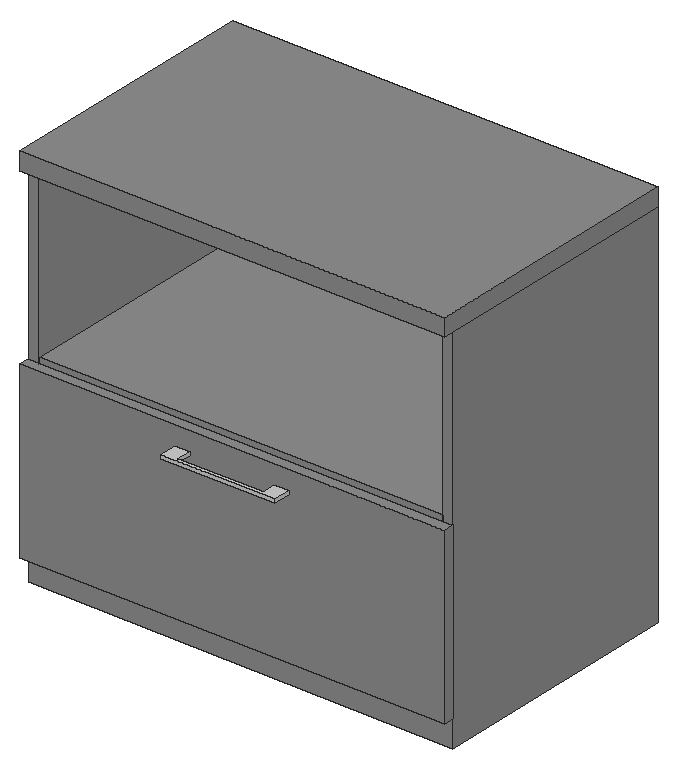
Revit family "Haworth_XSeries_ComboUnit_2HighOpenShelf", category Furniture Systems, Revit 2019
Family settings
  Round Connector Dimension = Use Diameter
  Part Type = Normal
  OmniClass Number = 23.40.70.14.64.21
  OmniClass Title = Systems Furniture
  Work Plane-Based = No
  Always vertical = Yes
  Cut with Voids When Loaded = No
  Shared = No
  Room Calculation Point = No
Parameters (values of type "18d 30w 27h")
  Width = 30"  # constant formula
  Warranty = "https://cdn.shopify.com/s/files/1/0561/5304/7249/files/Haworth_North_America_Online_Warranty_2022.pdf?v=1660247284"
  URL - Product = "https://www.haworth.com/na/en/products/active-storage/x-series.html"
  URL = "http://www.haworth.com/"
  Top Finish [instance] = Haworth _ Paint _ Graphite
  Taper Pull = no
  Sustainability Info = "https://www.haworth.com/na/en/expertise/research/sustainability.html"
  Size = "Verify Final Dim. w/ Haworth"  # constant formula
  Revision Number = "5"  # constant formula
  Radius Pull = no
  Pull Finish = Haworth _ Metal _ Brushed Aluminum
  Model = "JCPZ"  # constant formula
  Min. Width = 29 7/8"  # constant formula
  Max. Width = 41 7/8"  # constant formula
  Min. Height = 27 1/2"  # constant formula
  Max. Height = 27 1/2"  # constant formula
  Manufacturer = "Haworth"  # constant formula
  Lockbar Finish [instance] = Haworth _ Paint _ Graphite
  Linear Pull = yes
  J Pull = no
  Front Finish [instance] = Haworth _ Paint _ Graphite
  Ellipse Pull = not(or(Taper Pull, Radius Pull, Linear Pull, Crescent Pull, Classic Pull, J Pull))  # no
  Drawer Width = Actual Width  # 29 7/8"
  Drawer Height = 12 3/16"  # constant formula
  Description = "Haworth XSeries Combo Unit - Open Shelf - 18d 30w 27h"
  Custom Size = not(or(Width = 30"))  # no
  Crescent Pull = no
  Classic Pull = no
  Cabinet Height = 27 1/2"  # constant formula
  Cabinet Finish [instance] = Haworth _ Paint _ Graphite
  Author = "Haworth (Hampton), SHAPE Environments, LLC"  # constant formula
  Assembly Code = "E2020200"
  Actual Width = if(Width < Min. Width, Min. Width, if(Width > Max. Width, Max. Width, Width - 1/8"))  # 29 7/8"
  Actual Height = 27 1/2"  # constant formula
  Standard Widths = "30 in."  # constant formula
  Actual Depth = 18 3/4"  # constant formula
Reference planes (in)
  plane 1 "Center F/B": y = 0
  plane 2: z = 0
  plane 3 "Center L/R": x = 0
  plane 4 "Left": x = -14.9375
  plane 5 "Right": x = 14.9375
  plane 6 "Back of Drawer": y = -18
  plane 7 "Front": y = -18.75
  plane 8 "Top": z = 27.5
  plane 9 "Bottom of Top": z = 26.25
  plane 10 "Bottom of Cabinet": z = 0
  plane 11 "feet back": y = -2
  plane 12 "feet front": y = -16
  plane 13 "Feet Right": x = 12.9375
  plane 14 "Feet Left": x = -12.9375
  plane 15 "Bottom Drawer": z = 1.875
  plane 16: x = -14.1875
  plane 17: x = 14.1875
  plane 18 "Bottom Shelf": z = 13.6875
  plane 19 "Top Shelf": z = 14.4375
  plane 20 "Back Interior": y = -0.75
Forms (in)
  Extrusion 1, solid, material "Haworth _ Paint _ Graphite" <- "Cabinet Finish"
    sketch origin (114.68227, -6.06265, 0) x (1, 0, 0) y (0, 1, 0)
      loop
        line (-129.61977, 6.06265) -> (-129.61977, -11.93735) -> (-128.86977, -11.93735) -> (-128.86977, 5.31265) -> (-100.49477, 5.31265) -> (-100.49477, -11.93735) -> (-99.74477, -11.93735) -> (-99.74477, 6.06265) -> (-129.61977, 6.06265)
    from 1.875 to 26.25
  Extrusion 2, solid, material "Haworth _ Paint _ Graphite" <- "Top Finish"
    sketch origin (0, 0, 0) x (1, 0, 0) y (0, 1, 0)
      loop
        line (-14.9375, 0) -> (-14.9375, -18.75) -> (14.9375, -18.75) -> (14.9375, 0) -> (-14.9375, 0)
    from 26.25 to 27.5
  Extrusion 3, solid, material "Haworth _ Paint _ Graphite" <- "Cabinet Finish"
    sketch origin (0, 0, -18.75) x (1, 0, 0) y (0, 1, 0)
      loop
        line (-14.9375, 0) -> (-14.9375, -18) -> (14.9375, -18) -> (14.9375, 0) -> (-14.9375, 0)
    from 18.75 to 20.625
  Extrusion 4, solid, material "Haworth _ Paint _ Graphite" <- "Cabinet Finish"
    sketch origin (0, 0, -3.25) x (1, 0, 0) y (0, 1, 0)
      loop
        line (-14.1875, -0.75) -> (-14.1875, -18) -> (14.1875, -18) -> (14.1875, -0.75) -> (-14.1875, -0.75)
    from 16.9375 to 17.6875
Cuts and joins
  joined: Extrusion 1, Extrusion 3
Lines and regions (in)
  Masking region 1
    outline origin (0, 0, 0) x (1, 0, 0) y (0, 1, 0)
      loop
        line (-14.9375, 0) -> (-14.9375, -18.75) -> (14.9375, -18.75) -> (14.9375, 0) -> (-14.9375, 0)
Dimensions and locks (in)
  locked: plane 6 "Back of Drawer" to plane 7 "Front" at 0.75
  "Actual Depth": plane 1 "Center F/B" to plane 7 "Front"
  "Actual Width": plane 4 "Left" to plane 5 "Right"
  locked: plane 8 "Top" to plane 9 "Bottom of Top" at 1.25
  equal spacing: plane 4 "Left", plane 3 "Center L/R", plane 5 "Right"
  locked: plane 13 "Feet Right" to plane 5 "Right" at 2
  locked: plane 4 "Left" to plane 14 "Feet Left" at 2
  locked: plane 12 "feet front" to plane 6 "Back of Drawer" at 2
  locked: plane 1 "Center F/B" to plane 11 "feet back" at 2
  locked: plane 15 "Bottom Drawer" to plane 10 "Bottom of Cabinet" at 1.875
  "Actual Height": plane 8 "Top" to level
  "Cabinet Height": plane 8 "Top" to plane 10 "Bottom of Cabinet"
  locked: plane 16 to plane 4 "Left" at 0.75
  locked: plane 5 "Right" to plane 17 at 0.75
  plane 9 "Bottom of Top" to plane 19 "Top Shelf" = 11 13/16"
  plane 19 "Top Shelf" to plane 18 "Bottom Shelf" = 3/4"
  plane 20 "Back Interior" to plane 1 "Center F/B" = 3/4"
  aligned and locked: plane 1 "Center F/B" to Extrusion 1 sketch curve
  aligned and locked: Extrusion 1 to plane 4 "Left"
  aligned and locked: Extrusion 1 to plane 5 "Right"
  aligned and locked: plane 9 "Bottom of Top" to Extrusion 1
  aligned and locked: plane 4 "Left" to Extrusion 2 sketch curve
  aligned and locked: plane 1 "Center F/B" to Extrusion 2 sketch curve
  aligned and locked: plane 5 "Right" to Extrusion 2 sketch curve
  aligned and locked: plane 7 "Front" to Extrusion 2 sketch curve
  aligned and locked: plane 8 "Top" to Extrusion 2
  aligned and locked: Extrusion 2 to plane 9 "Bottom of Top"
  aligned and locked: plane 3 "Center L/R" to nested 1
  aligned and locked: nested 1 to plane 6 "Back of Drawer"
  aligned and locked: level to plane 2
  aligned and locked: plane 15 "Bottom Drawer" to nested 1
  aligned and locked: plane 5 "Right" to Extrusion 1 sketch curve
  aligned and locked: plane 4 "Left" to Extrusion 1 sketch curve
  aligned and locked: Extrusion 1 sketch curve to plane 16
  aligned and locked: Extrusion 1 sketch curve to plane 17
  aligned and locked: Extrusion 1 to plane 15 "Bottom Drawer"
  aligned and locked: plane 10 "Bottom of Cabinet" to Extrusion 3
  aligned and locked: plane 15 "Bottom Drawer" to Extrusion 3
  aligned and locked: plane 4 "Left" to Extrusion 3 sketch curve
  aligned and locked: plane 5 "Right" to Extrusion 3 sketch curve
  aligned and locked: plane 6 "Back of Drawer" to Extrusion 3 sketch curve
  aligned and locked: plane 1 "Center F/B" to Extrusion 3 sketch curve
  aligned and locked: Masking region 1 sketch curve to Extrusion 2  (x2)
  aligned and locked: Masking region 1 sketch curve to Extrusion 1
  aligned and locked: Extrusion 2 to Masking region 1 sketch curve
  aligned and locked: plane 18 "Bottom Shelf" to Extrusion 4
  aligned and locked: Extrusion 4 to plane 19 "Top Shelf"
  aligned and locked: plane 20 "Back Interior" to Extrusion 4 sketch curve
  aligned and locked: Extrusion 4 sketch curve to plane 17
  aligned and locked: plane 16 to Extrusion 4 sketch curve
Automatic sketch dimensions
  plane 1 "Center F/B" to Extrusion 1 sketch curve = 3/4"
  Extrusion 4 sketch curve to plane 6 "Back of Drawer" = 0"
  Extrusion 1 sketch curve to plane 6 "Back of Drawer" = 0"  (x2)
Nested families (in)
  nested 1: "Haworth_Drawer" at (0, -18, 1.875), Drawer Height <- "Drawer Height", type "Haworth_Drawer"
    with J Pull Drawer no, Drawer Height 12 3/16", Pull Linear yes, Pull Height 1 7/16", Pull Ellipse no, Drawer Width 29 7/8"
Definition of nested family "Haworth_Drawer"
  Parameters
    Pull Taper = no
    Pull Radius = no
    Pull Patterns = no
    Pull Linear = no
    Pull Height = if(Pull Ellipse, 11/64", if(Pull Radius, 1 3/16", if(Pull Taper, 3/4", 1 7/16")))  # 11/64"
    Pull Finish = none
    Pull Ellipse = yes
    Pull Crescent = no
    Pull Classic = no
    J Pull Drawer [instance] = J Pull  # no
    J Pull = no
    Integral Pull Location = if(Integral Pull, 3 5/8", 1")  # 1"
    Integral Pull = no
    Front Finish = none
    Drawer Width = 14 7/8"
    Flush Drawer = not(J Pull)  # yes
    Drawer Height [instance] = 12"
    Drawer Finish = none
    Assembly Code = ""
  Reference planes (in)
    plane 1 "Drawer Back": y = 0
    plane 2: z = 0
    plane 3 "Center L/R": x = 0
    plane 4 "Drawer Front": y = -0.75
    plane 5 "Left": x = -7.4375
    plane 6 "Right": x = 7.4375
    plane 7 "Top": z = 12
    plane 8: y = -4
    plane 9: y = -3
    plane 10 "Integral Top": z = 11.54688
    plane 11 "Pull Location": z = 11.82813
    plane 12 "Integral Bottom": z = 12.10937
  Forms (in)
    Extrusion 1, solid, material <- "Drawer Finish", visible <- "J Pull Drawer"
      sketch origin (-7.4375, 0, 0) x (0, 1, 0) y (0, 0, 1)
        loop
          line (0, 12) -> (-0.25, 12) -> (-0.25, 11.4375) -> (-0.75, 11.4375) -> (-0.75, 0) -> (0, 0) -> (0, 12)
      from 0 to 14.875
    Extrusion 2, solid, material <- "Drawer Finish", visible <- "Flush Drawer"
      sketch origin (-7.4375, 0, 2.25) x (0, 1, 0) y (0, 0, 1)
        loop
          line (0, 9.75) -> (-0.75, 9.75) -> (-0.75, -2.25) -> (0, -2.25) -> (0, 9.75)
      from 0 to 14.875
    Extrusion 3, void
      sketch origin (0, -0.75, 0) x (-1, 0, 0) y (0, 0, 1)
        loop
          line (4, 11.54688) -> (4, 12.10937) -> (-4, 12.10937) -> (-4, 11.54688) -> (4, 11.54688)
      from -3.25 to -2.25
  Cuts and joins
    Extrusion 3 cuts Extrusion 1
    Extrusion 3 cuts Extrusion 2
  Dimensions and locks (in)
    equal spacing: plane 5 "Left", plane 3 "Center L/R", plane 6 "Right"
    "Drawer Width": plane 5 "Left" to plane 6 "Right"
    locked: plane 1 "Drawer Back" to plane 4 "Drawer Front" at 0.75
    "Drawer Height": plane 7 "Top" to level
    locked: plane 8 to plane 1 "Drawer Back" at 4
    "Integral Pull Location": plane 8 to plane 9
    equal spacing: Extrusion 3 sketch curve, plane 3 "Center L/R", Extrusion 3 sketch curve
    locked: Extrusion 3 sketch curve to Extrusion 3 sketch curve at 8
    "Pull Height": plane 7 "Top" to plane 11 "Pull Location"
    equal spacing: plane 12 "Integral Bottom", plane 11 "Pull Location", plane 10 "Integral Top"
    locked: plane 12 "Integral Bottom" to plane 10 "Integral Top" at 0.5625
    aligned and locked: Extrusion 1 sketch curve to plane 1 "Drawer Back"
    aligned and locked: Extrusion 1 sketch curve to plane 2
    aligned and locked: Extrusion 1 sketch curve to plane 4 "Drawer Front"
    aligned and locked: Extrusion 1 to plane 6 "Right"
    aligned and locked: Extrusion 2 to plane 6 "Right"
    aligned and locked: plane 1 "Drawer Back" to Extrusion 2 sketch curve
    aligned and locked: plane 7 "Top" to Extrusion 2 sketch curve
    aligned and locked: level to Extrusion 2 sketch curve
    aligned and locked: Extrusion 2 sketch curve to plane 4 "Drawer Front"
    aligned: plane 7 "Top" to nested 1
    aligned: Extrusion 3 to plane 8
    aligned: plane 9 to Extrusion 3
    aligned and locked: nested 1 to plane 4 "Drawer Front"
    aligned and locked: plane 12 "Integral Bottom" to Extrusion 3 sketch curve
    aligned and locked: nested 1 to plane 11 "Pull Location"
    aligned and locked: plane 3 "Center L/R" to nested 1
    aligned and locked: plane 9 to Extrusion 3
  Automatic sketch dimensions
    Extrusion 1 sketch curve to plane 7 "Top" = 0"
    plane 1 "Drawer Back" to Extrusion 1 sketch curve = 1/4"
    Extrusion 1 sketch curve to Extrusion 1 sketch curve = 9/16"
    Extrusion 3 sketch curve to plane 10 "Integral Top" = 0"
  Nested families (in)
    nested 1: "Haworth_Drawer-Pulls" at (0, -0.75, 11.82813), type "Pull", detail levels medium+fine
      with Linear no, Ellipse yes
  Definition of nested family "Haworth_Drawer-Pulls"
    Parameters
      Taper = no
      Radius = no
      Patterns = no
      Linear = yes
      Handle Finish = none
      Ellipse = no
      Cresent = no
      Classic = no
      Assembly Code = ""
    Reference planes (in)
      plane 1 "Center Front/Back": y = 0
      plane 2: z = 0
      plane 3 "Center Left/Right": x = 0
    Forms (in)
      Extrusion 1, solid, material <- "Handle Finish", visible <- "Ellipse"
        sketch origin (0, 0, 0.15915) x (0, 1, 0) y (0, 0, 1)
          loop
            arc (-0.03015, 0) -> (-0.26713, -0.02983) -> (-0.49038, -0.11475) r 1.00501
            arc (-0.49038, -0.11475) -> (-0.65216, -0.22112) -> (-0.78985, -0.35725) r 0.97894
            arc (-0.78985, -0.35725) -> (-0.87314, -0.47263) -> (-0.94033, -0.59807) r 1.0667
            arc (-0.94033, -0.59807) -> (-0.90977, -0.66145) -> (-0.84562, -0.63254) r 0.05041
            arc (-0.84562, -0.63254) -> (-0.67669, -0.39049) -> (-0.44702, -0.20509) r 1.04885
            arc (-0.44702, -0.20509) -> (-0.35012, -0.16094) -> (-0.24858, -0.12892) r 0.8735
            arc (-0.24858, -0.12892) -> (-0.16053, -0.15188) -> (-0.11419, -0.23018) r 0.11948
            arc (-0.11419, -0.23018) -> (-0.0664, -0.27738) -> (0, -0.26729) r 0.07488
            line (0, -0.26729) -> (0, -0.05102) -> (-0.03015, 0)
        from -6.51863 to 6.51698
      Extrusion 2, void
        sketch origin (0, 0, 0.15915) x (1, 0, 0) y (0, 1, 0)
          loop
            line (-6.49996, 0) -> (-6.67266, 0) -> (-6.67266, -1.11616) -> (6.67266, -1.11616) -> (6.67266, 0) -> (6.49996, 0)
            arc (6.49996, 0) -> (6.46575, -0.17809) -> (6.37201, -0.33332) r 0.51574
            arc (6.37201, -0.33332) -> (6.23583, -0.44508) -> (6.07096, -0.50713) r 0.54076
            arc (6.07096, -0.50713) -> (4.5721, -0.7479) -> (3.05951, -0.87689) r 20.46435
            arc (3.05951, -0.87689) -> (0, -0.95029) -> (-3.05951, -0.87689) r 63.79827
            arc (-3.05951, -0.87689) -> (-4.5721, -0.7479) -> (-6.07096, -0.50713) r 20.46435
            arc (-6.07096, -0.50713) -> (-6.23583, -0.44508) -> (-6.37201, -0.33332) r 0.54076
            arc (-6.37201, -0.33332) -> (-6.46575, -0.17809) -> (-6.49996, 0) r 0.51574
        from 0 to -0.90865
      Blend 3, solid, material <- "Handle Finish", visible <- "Radius"
        base sketch origin (0, 0, 0.3125) x (0, 1, 0) y (0, 0, -1)
          loop
            line (0, 0) -> (0, 0.625) -> (-0.40339, 0.625)
            arc (-0.40339, 0.625) -> (-0.71589, 0.3125) -> (-0.40339, 0) r 0.3125
            line (-0.40339, 0) -> (0, 0)
        top sketch origin (0, 0, 0.3125) x (0, 1, 0) y (0, 0, -1)
          loop
            line (0, 0) -> (0, 0.625) -> (-0.77884, 0.625)
            arc (-0.77884, 0.625) -> (-1.09134, 0.3125) -> (-0.77884, 0) r 0.3125
            line (-0.77884, 0) -> (0, 0)
        from -4.875 to -3.625
      Sweep 4, solid, material <- "Handle Finish", visible <- "Radius"
        path origin (0, 0, 0) x (1, 0, 0) y (0, 1, 0)
          loop
            arc (-4.875, -0.71589) -> (0, -1.5425) -> (4.875, -0.71589) r 14.78881
        profile origin (0, -1.5425, 0) x (0, 1, 0) y (0, 0, 1)
          loop
            circle (0.3125, 0) r 0.30469
      Extrusion 5, solid, material <- "Handle Finish", visible <- "Taper"
        sketch origin (0, 0, 0.27281) x (0, 1, 0) y (0, 0, 1)
          loop
            line (0, 0) -> (-0.875, 0)
            arc (-0.875, 0) -> (-0.96339, -0.03661) -> (-1, -0.125) r 0.125
            line (-1, -0.125) -> (-1, -0.7) -> (-0.96886, -0.7) -> (-0.96886, -0.1251)
            arc (-0.96886, -0.1251) -> (-0.94137, -0.05874) -> (-0.875, -0.03125) r 0.09386
            line (-0.875, -0.03125) -> (-0.03125, -0.03125) -> (-0.03125, -0.53) -> (0, -0.53) -> (0, 0)
        from -6.5565 to 6.5565
      Extrusion 6, void
        sketch origin (0, 0, 0.27281) x (1, 0, 0) y (0, 0, 1)
          loop
            arc (-5.23353, -0.7191) -> (-5.99714, -0.52453) -> (-6.57454, 0.01172) r 1.59575
            line (-6.57454, 0.01172) -> (-6.85981, 0.01172) -> (-6.85981, -1) -> (6.85981, -1) -> (6.85981, 0.01172) -> (6.57454, 0.01172)
            arc (6.57454, 0.01172) -> (5.99714, -0.52453) -> (5.23353, -0.7191) r 1.59575
            line (5.23353, -0.7191) -> (-5.23353, -0.7191)
        from 0 to 2.20115
      Sweep 7, solid, material <- "Handle Finish", visible <- "Cresent"
        path origin (0, 0, 0.125) x (1, 0, 0) y (0, 1, 0)
          loop
            arc (-3.80272, 0.04) -> (0, -1.24998) -> (3.80273, 0.04) r 6.25
        profile origin (0, -1.24998, 0.125) x (0, 1, 0) y (0, 0, 1)
          loop
            circle (0.125, -0.125) r 0.125
      Extrusion 8, void
        sketch origin (0, 0, 0.125) x (1, 0, 0) y (0, 1, 0)
          loop
            line (-3.94545, 0) -> (3.94399, 0) -> (3.94399, 0.32073) -> (-3.94545, 0.32073) -> (-3.94545, 0)
        from 0.03472 to -0.28458
      Extrusion 9, solid, material <- "Handle Finish", visible <- "Linear"
        sketch origin (0, 0, 0.125) x (1, 0, 0) y (0, 1, 0)
          loop
            line (-4, 0) -> (-4, -1.25) -> (4, -1.25) -> (4, 0) -> (3, 0) -> (3, -1) -> (-3, -1) -> (-3, 0) -> (-4, 0)
        from 0 to -0.25
      Extrusion 10, solid, material <- "Handle Finish", visible <- "Classic"
        sketch origin (0, 0, 0.375) x (1, 0, 0) y (0, 0, 1)
          loop
            line (-3.375, 0) -> (-3.375, -0.75)
            arc (-3.375, -0.75) -> (-3, -0.375) -> (-3.375, 0) r 0.375
        from 0 to 1
      Extrusion 11, solid, material <- "Handle Finish", visible <- "Classic"
        sketch origin (0, 0, 0.375) x (-1, 0, 0) y (0, 0, -1)
          loop
            arc (-3.375, 0) -> (-3, 0.375) -> (-3.375, 0.75) r 0.375
            line (-3.375, 0.75) -> (-3.375, 0)
        from 0 to 1
      Extrusion 12, solid, material <- "Handle Finish", visible <- "Classic"
        sketch origin (0, 0, 0.375) x (1, 0, 0) y (0, 0, 1)
          loop
            line (-3.375, 0) -> (-3.375, -0.75) -> (3.375, -0.75) -> (3.375, 0) -> (-3.375, 0)
        from 1 to 1.25
      Blend 13, solid, material <- "Handle Finish", visible <- "Radius"
        base sketch origin (0, 0, 0.3125) x (0, 1, 0) y (0, 0, 1)
          loop
            line (0, 0) -> (-0.40339, 0)
            arc (-0.40339, 0) -> (-0.71589, -0.3125) -> (-0.40339, -0.625) r 0.3125
            line (-0.40339, -0.625) -> (0, -0.625) -> (0, 0)
        top sketch origin (0, 0, 0.3125) x (0, 1, 0) y (0, 0, 1)
          loop
            line (0, 0) -> (-0.77884, 0)
            arc (-0.77884, 0) -> (-1.09134, -0.3125) -> (-0.77884, -0.625) r 0.3125
            line (-0.77884, -0.625) -> (0, -0.625) -> (0, 0)
        from -4.875 to -3.625
      Extrusion 14, solid, material <- "Handle Finish", visible <- "Patterns"
        sketch origin (0, 0, 0.27281) x (0, 1, 0) y (0, 0, 1)
          loop
            line (0, 0) -> (-0.875, 0)
            arc (-0.875, 0) -> (-0.96339, -0.03661) -> (-1, -0.125) r 0.125
            line (-1, -0.125) -> (-1, -0.7) -> (-0.96886, -0.7) -> (-0.96886, -0.1251)
            arc (-0.96886, -0.1251) -> (-0.94137, -0.05874) -> (-0.875, -0.03125) r 0.09386
            line (-0.875, -0.03125) -> (-0.03125, -0.03125) -> (-0.03125, -0.53) -> (0, -0.53) -> (0, 0)
        from -4 to 4
    Cuts and joins
      Extrusion 2 cuts Extrusion 1
      joined: Extrusion 10, Extrusion 11, Extrusion 12
      Extrusion 6 cuts Extrusion 5
      Extrusion 8 cuts Sweep 7
      joined: Blend 3, Sweep 4, Blend 13
